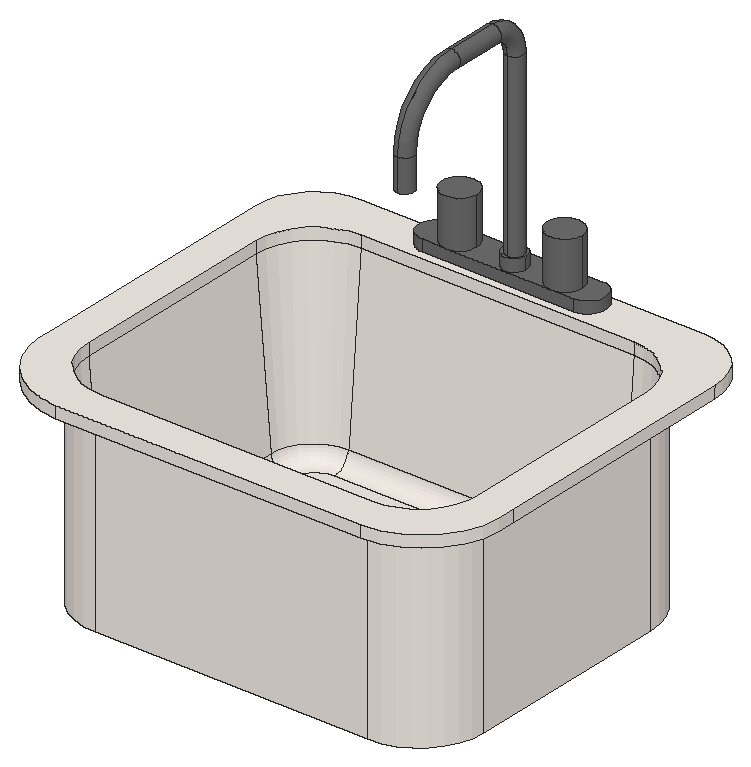
Revit family "M_Sink Vanity-Square", category 위생기구, Revit 2026
Family settings
  원형 커넥터 치수 = 지름 사용
  부품 유형 = 보통
  작업 기준면 기반 = 아니오
  뷰에서 절단 사용 = 아니오
  항상 수직 = 예
  로드될 때 보이드를 사용하여 절단 = 아니오
  주석 방향 유지 = 아니오
  공유 = 예
  룸 계산 점 = 아니오
Parameters (values of type "500 x 440mm")
  기본 높이 = 0.00 mm
  Basin Material = Porcelain - Linen
  Counter Height [instance] = 750.00 mm
  Depth = 440.00 mm
  Fixture Material = Metal - Steel, Polished
  Width = 500.00 mm
Reference planes
  plane 1 "Center (Front/Back)": y = 5.52
  plane 2: z = 0
  plane 3 "Center (Left/Right)": x = 15.689
  plane 4: y = 180.145
  plane 5: y = -259.855
  plane 6: x = -234.311
  plane 7: x = 265.689
  plane 8 "Top Of Counter": z = 750
  plane 9: z = 762.7
  plane 10: z = 534.1
  plane 11: y = 132.52
  plane 12: x = -196.211
  plane 13: y = -221.755
  plane 14: x = 227.589
  plane 15: x = -85.911
  plane 16: x = 117.289
  plane 17: y = 156.333
  plane 18: y = 156.333
  plane 19: y = 156.333
  plane 20: z = 1013.525
  plane 21: y = 7.108
  plane 22: z = 826.2
  plane 23: z = 788.1
  plane 24: y = 161.095
  plane 25: x = -47.811
  plane 26: x = 66.489
Forms (mm)
  Extrusion 1, solid, material "Porcelain - Linen" <- "Basin Material"
    sketch origin (0, 0, 0) x (1, 0, 0) y (0, 1, 0)
      loop
        arc (181.339, -259.855) -> (246.052, -227.766) -> (265.689, -158.255) r 89.057
        line (265.689, -158.255) -> (265.689, 116.645)
        arc (265.689, 116.645) -> (247.091, 161.547) -> (202.189, 180.145) r 63.5
        line (202.189, 180.145) -> (-170.811, 180.145)
        arc (-170.811, 180.145) -> (-215.712, 161.547) -> (-234.311, 116.645) r 63.5
        line (-234.311, 116.645) -> (-234.311, -158.255)
        arc (-234.311, -158.255) -> (-214.674, -227.766) -> (-149.961, -259.855) r 89.057
        line (-149.961, -259.855) -> (181.339, -259.855)
      loop
        arc (-132.711, 132.52) -> (-177.612, 113.922) -> (-196.211, 69.02) r 63.5
        line (-196.211, 69.02) -> (-196.211, -158.255)
        arc (-196.211, -158.255) -> (-177.612, -203.156) -> (-132.711, -221.755) r 63.5
        line (-132.711, -221.755) -> (164.089, -221.755)
        arc (164.089, -221.755) -> (208.991, -203.156) -> (227.589, -158.255) r 63.5
        line (227.589, -158.255) -> (227.589, 69.02)
        arc (227.589, 69.02) -> (208.991, 113.922) -> (164.089, 132.52) r 63.5
        line (164.089, 132.52) -> (-132.711, 132.52)
    from 750 to 762.7
  Sweep 2, solid, material "Porcelain - Linen" <- "Basin Material"
    path origin (0, 0, 0) x (1, 0, 0) y (0, 1, 0)
      loop
        arc (-132.711, 132.52) -> (-177.612, 113.922) -> (-196.211, 69.02) r 63.5
        line (-196.211, 69.02) -> (-196.211, -158.255)
        arc (-196.211, -158.255) -> (-177.612, -203.156) -> (-132.711, -221.755) r 63.5
        line (-132.711, -221.755) -> (164.089, -221.755)
        arc (164.089, -221.755) -> (208.991, -203.156) -> (227.589, -158.255) r 63.5
        line (227.589, -158.255) -> (227.589, 69.02)
        arc (227.589, 69.02) -> (208.991, 113.922) -> (164.089, 132.52) r 63.5
        line (164.089, 132.52) -> (-132.711, 132.52)
    profile origin (15.689, 0, 0) x (0, 1, 0) y (0, 0, 1)
      loop
        line (132.52, 750) -> (115.986, 561.015)
        arc (115.986, 561.015) -> (109.879, 548.63) -> (97.009, 543.625) r 19.05
        line (97.009, 543.625) -> (94.42, 543.625) -> (94.42, 534.1) -> (138.87, 534.1) -> (138.87, 750) -> (132.52, 750)
  Extrusion 3, solid, material "Porcelain - Linen" <- "Basin Material"
    sketch origin (0, 0, 0) x (1, 0, 0) y (0, 1, 0)
      loop
        arc (-132.711, 94.42) -> (-150.671, 86.981) -> (-158.111, 69.02) r 25.4
        line (-158.111, 69.02) -> (-158.111, -158.255)
        arc (-158.111, -158.255) -> (-150.671, -176.215) -> (-132.711, -183.655) r 25.4
        line (-132.711, -183.655) -> (164.089, -183.655)
        arc (164.089, -183.655) -> (182.05, -176.215) -> (189.489, -158.255) r 25.4
        line (189.489, -158.255) -> (189.489, 69.02)
        arc (189.489, 69.02) -> (182.05, 86.981) -> (164.089, 94.42) r 25.4
        line (164.089, 94.42) -> (-132.711, 94.42)
      loop
        circle (15.689, 3.175) r 25.4
    from 534.1 to 543.625
  Extrusion 4, solid, material "Metal - Steel, Polished" <- "Fixture Material"
    sketch origin (0, -17.559, 0) x (1, 0, 0) y (0, 1, 0)
      loop
        circle (-47.811, 178.654) r 19.05
      loop
        circle (66.489, 178.654) r 19.05
    from 762.7 to 826.2
  Sweep 5, solid, material "Metal - Steel, Polished" <- "Fixture Material"
    path origin (15.689, 0, 0) x (0, 1, 0) y (0, 0, 1)
      loop
        line (156.333, 762.7) -> (156.333, 983.363)
        arc (156.333, 983.363) -> (147.499, 1004.691) -> (126.17, 1013.525) r 30.163
        line (126.17, 1013.525) -> (70.608, 1013.525)
        arc (70.608, 1013.525) -> (25.707, 994.926) -> (7.108, 950.025) r 63.5
        line (7.108, 950.025) -> (7.108, 915.1)
    profile origin (15.689, 0, 873.031) x (0, -1, 0) y (1, 0, 0)
      loop
        circle (-156.333, 0) r 9.525
  Extrusion 6, solid, material "Metal - Steel, Polished" <- "Fixture Material"
    sketch origin (0, 0, 0) x (1, 0, 0) y (0, 1, 0)
      loop
        circle (15.689, 156.333) r 12.7
    from 762.7 to 788.1
  Extrusion 7, solid, material "Metal - Steel, Polished" <- "Fixture Material"
    sketch origin (0, 0, 0) x (1, 0, 0) y (0, 1, 0)
      loop
        arc (-73.211, 180.145) -> (-92.261, 161.095) -> (-73.211, 142.045) r 19.05
        line (-73.211, 142.045) -> (91.889, 142.045)
        arc (91.889, 142.045) -> (110.939, 161.095) -> (91.889, 180.145) r 19.05
        line (91.889, 180.145) -> (-73.211, 180.145)
    from 762.7 to 775.2
Cuts and joins
  joined: Extrusion 4, Sweep 5, Extrusion 6, Extrusion 7
  joined: Extrusion 1, Sweep 2, Extrusion 3
Lines and regions (mm)
  Masking region 1
    outline origin (0, 0, 750) x (0, -1, 0) y (1, 0, 0)
      loop
        line (-116.645, -234.311) -> (170.955, -234.311)
        arc (170.955, -234.311) -> (233.816, -208.273) -> (259.855, -145.411) r 88.9
        line (259.855, -145.411) -> (259.855, 181.339)
        arc (259.855, 181.339) -> (235.149, 240.984) -> (175.505, 265.689) r 84.35
        line (175.505, 265.689) -> (-116.645, 265.689)
        arc (-116.645, 265.689) -> (-161.547, 247.091) -> (-180.145, 202.189) r 63.5
        line (-180.145, 202.189) -> (-180.145, -170.811)
        arc (-180.145, -170.811) -> (-161.547, -215.712) -> (-116.645, -234.311) r 63.5
  symbolic lines
    curve 1: line (265.689, -175.505, 750) -> (265.689, 116.645, 750)
    curve 2: line (-145.411, -259.855, 750) -> (181.339, -259.855, 750)
    curve 3: line (-234.311, 116.645, 750) -> (-234.311, -170.955, 750)
    curve 4: arc (41.089, 3.175, 750) -> (15.689, 28.575, 750) -> (-9.711, 3.175, 750) r 25.4
    curve 5: arc (-9.711, 3.175, 750) -> (15.689, -22.225, 750) -> (41.089, 3.175, 750) r 25.4
    curve 6: line (-196.211, 69.02, 750) -> (-196.211, -158.255, 750)
    curve 7: line (-132.711, -221.755, 750) -> (164.089, -221.755, 750)
    curve 8: line (227.589, -158.255, 750) -> (227.589, 69.02, 750)
    curve 9: line (164.089, 132.52, 750) -> (28.389, 132.52, 750)
    curve 10: arc (164.089, -221.755, 750) -> (208.991, -203.156, 750) -> (227.589, -158.255, 750) r 63.5
    curve 11: arc (-196.211, -158.255, 750) -> (-177.612, -203.156, 750) -> (-132.711, -221.755, 750) r 63.5
    curve 12: arc (-132.711, 132.52, 750) -> (-177.612, 113.922, 750) -> (-196.211, 69.02, 750) r 63.5
    curve 13: arc (28.389, 160.745, 750) -> (15.689, 173.445, 750) -> (2.989, 160.745, 750) r 12.7
    curve 14: line (2.989, 160.745, 750) -> (2.989, 40.391, 750)
    curve 15: line (28.389, 160.745, 750) -> (28.389, 40.391, 750)
    curve 16: arc (28.389, 40.391, 750) -> (15.689, 27.691, 750) -> (2.989, 40.391, 750) r 12.7
    curve 17: line (2.989, 132.52, 750) -> (-132.711, 132.52, 750)
    curve 18: arc (-234.311, -170.955, 750) -> (-208.273, -233.816, 750) -> (-145.411, -259.855, 750) r 88.9
    curve 19: arc (181.339, -259.855, 750) -> (240.984, -235.149, 750) -> (265.689, -175.505, 750) r 84.35
    curve 20: arc (164.089, 132.52, 750) -> (208.991, 113.922, 750) -> (227.589, 69.02, 750) r 63.5
    curve 21: line (202.189, 180.145, 750) -> (-170.811, 180.145, 750)
    curve 22: arc (-170.811, 180.145, 750) -> (-215.712, 161.547, 750) -> (-234.311, 116.645, 750) r 63.5
    curve 23: arc (265.689, 116.645, 750) -> (247.091, 161.547, 750) -> (202.189, 180.145, 750) r 63.5
    curve 24: arc (85.539, 161.095, 750) -> (66.489, 180.145, 750) -> (47.439, 161.095, 750) r 19.05
    curve 25: arc (85.539, 161.095, 750) -> (66.489, 142.045, 750) -> (47.439, 161.095, 750) r 19.05
    curve 26: arc (-28.761, 161.095, 750) -> (-47.811, 180.145, 750) -> (-66.861, 161.095, 750) r 19.05
    curve 27: arc (-66.861, 161.095, 750) -> (-47.811, 142.045, 750) -> (-28.761, 161.095, 750) r 19.05
    curve 28: line (-73.211, 142.045, 750) -> (2.989, 142.045, 750)
    curve 29: arc (91.889, 142.045, 750) -> (110.939, 161.095, 750) -> (91.889, 180.145, 750) r 19.05
    curve 30: arc (-73.211, 180.145, 750) -> (-92.261, 161.095, 750) -> (-73.211, 142.045, 750) r 19.05
    curve 31: line (91.889, 180.145, 750) -> (-73.211, 180.145, 750)
    curve 32: line (28.389, 142.045, 750) -> (91.889, 142.045, 750)
Dimensions and locks
  equal spacing: plane 6, plane 3 "Center (Left/Right)", plane 7
  "Width": plane 6 to plane 7
  "Depth": plane 5 to plane 4
  "Counter Height": plane 8 "Top Of Counter" to plane 2
  locked: plane 9 to plane 8 "Top Of Counter" at 12.7
  locked: plane 8 "Top Of Counter" to plane 10 at 215.9
  locked: plane 6 to plane 12 at 38.1
  locked: plane 14 to plane 7 at 38.1
  locked: plane 5 to plane 13 at 38.1
  equal spacing: plane 11, plane 17, plane 4
  equal spacing: plane 11, plane 18, plane 4
  equal spacing: plane 4, plane 19, plane 11
  locked: plane 19 to plane 21 at 149.225
  locked: plane 20 to plane 9 at 250.825
  locked: plane 22 to plane 9 at 63.5
  locked: plane 23 to plane 9 at 25.4
  locked: plane 1 "Center (Front/Back)" to plane 4 at 174.625
  plane 24 to plane 4 = 19.05 mm
  locked: plane 25 to plane 3 "Center (Left/Right)" at 63.5
  locked: plane 3 "Center (Left/Right)" to plane 26 at 50.8
  locked: level to plane 2 at 0
  locked: plane 9 to cut or joined group of Extrusion 4, Sweep 5, Extrusion 6, Extrusion 7 at 12.5
  aligned and locked: Extrusion 1 sketch curve to plane 5
  aligned and locked: plane 8 "Top Of Counter" to Extrusion 1
  aligned and locked: Extrusion 1 to plane 9
  aligned and locked: plane 11 to Extrusion 1 sketch curve
  aligned and locked: plane 14 to Extrusion 1 sketch curve
  aligned and locked: Extrusion 1 sketch curve to plane 12
  aligned and locked: Extrusion 1 sketch curve to plane 13
  aligned and locked: plane 11 to Sweep 2 sketch curve
  aligned and locked: plane 14 to Sweep 2 sketch curve
  aligned and locked: Sweep 2 sketch curve to plane 12
  aligned and locked: Sweep 2 sketch curve to plane 13
  aligned and locked: Sweep 2 to Extrusion 3 sketch curve  (x4)
  aligned and locked: Sweep 2 to Extrusion 3
  aligned and locked: plane 10 to Extrusion 3
  aligned and locked: Sweep 2 sketch curve to plane 10
  aligned and locked: plane 8 "Top Of Counter" to Sweep 2 sketch curve
  aligned and locked: Extrusion 4 to Extrusion 1
  aligned and locked: Extrusion 6 to Extrusion 1
  aligned and locked: Sweep 5 sketch curve to plane 19
  aligned and locked: plane 20 to Sweep 5 sketch curve
  aligned and locked: plane 21 to Sweep 5 sketch curve
  aligned and locked: Extrusion 4 to plane 22
  aligned and locked: Extrusion 6 to plane 23
  aligned and locked: Extrusion 7 to Extrusion 1
  aligned and locked: Masking region 1 sketch curve to curve 3
  aligned and locked: Masking region 1 sketch curve to curve 2
  aligned and locked: Masking region 1 sketch curve to curve 1
  aligned and locked: Masking region 1 sketch curve to curve 21
Automatic sketch dimensions
  Sweep 2 sketch curve to plane 12 = 63.50 mm
  Sweep 2 sketch curve to Sweep 2 sketch curve = 63.50 mm
  plane 11 to Sweep 2 sketch curve = 63.50 mm
  plane 14 to Sweep 2 sketch curve = 63.50 mm
  Sweep 2 sketch curve to profile plane = 0.00 mm
  profile plane to Sweep 2 sketch curve = 16.534 mm
  Sweep 2 sketch curve to Sweep 2 sketch curve = 18.978 mm
  Sweep 2 sketch curve to Sweep 2 sketch curve = 2.588 mm
  Sweep 2 sketch curve to profile plane = 6.35 mm
  Sweep 2 sketch curve to Sweep 2 sketch curve = 9.525 mm
  Sweep 2 sketch curve to Sweep 2 sketch curve = 17.39 mm
  Sweep 5 sketch curve to plane 3 "Center (Left/Right)" = 0.00 mm
  Sweep 5 sketch curve to profile plane = 0.00 mm
  profile plane to Sweep 5 sketch curve = 9.525 mm
  Extrusion 6 sketch curve to plane 18 = 0.00 mm
  Extrusion 6 sketch curve to plane 3 "Center (Left/Right)" = 0.00 mm
  Extrusion 6 sketch curve to plane 3 "Center (Left/Right)" = 12.70 mm
  Sweep 5 sketch curve to plane 9 = 0.00 mm
  Sweep 5 sketch curve to Sweep 5 sketch curve = 63.50 mm
  plane 11 to Sweep 5 sketch curve = 6.35 mm
  Sweep 5 sketch curve to Sweep 5 sketch curve = 34.925 mm
  Extrusion 3 sketch curve to plane 3 "Center (Left/Right)" = 0.00 mm
  Extrusion 3 sketch curve to Extrusion 3 sketch curve = 25.40 mm  (x4)
  plane 1 "Center (Front/Back)" to Extrusion 3 sketch curve = 2.345 mm
  Extrusion 3 sketch curve to plane 1 "Center (Front/Back)" = 63.50 mm
  Extrusion 7 sketch curve to plane 24 = 0.00 mm
  plane 25 to Extrusion 7 sketch curve = 25.40 mm
  plane 4 to Extrusion 7 sketch curve = 0.00 mm
  plane 3 "Center (Left/Right)" to Extrusion 7 sketch curve = 76.20 mm
  Extrusion 1 sketch curve to plane 6 = 0.00 mm
  Extrusion 1 sketch curve to plane 4 = 0.00 mm
  Extrusion 1 sketch curve to plane 7 = 0.00 mm
  plane 11 to Extrusion 1 sketch curve = 15.875 mm
  Extrusion 1 sketch curve to Extrusion 1 sketch curve = 38.10 mm
  Extrusion 1 sketch curve to plane 12 = 46.25 mm
  Extrusion 1 sketch curve to Extrusion 1 sketch curve = 50.057 mm
  Extrusion 1 sketch curve to Extrusion 1 sketch curve = 17.25 mm  (x2)
  Extrusion 1 sketch curve to Extrusion 1 sketch curve = 63.50 mm  (x2)
  Extrusion 1 sketch curve to Extrusion 1 sketch curve = 13.443 mm
  plane 14 to Extrusion 1 sketch curve = 25.40 mm
  Extrusion 1 sketch curve to Extrusion 1 sketch curve = 12.625 mm  (x2)
  Extrusion 4 sketch curve to plane 24 = 0.00 mm  (x2)
  Extrusion 4 sketch curve to plane 25 = 0.00 mm
  Extrusion 4 sketch curve to plane 26 = 0.00 mm
  Extrusion 4 sketch curve to Extrusion 4 sketch curve = 19.05 mm  (x2)
  plane 11 to Masking region 1 sketch curve = 15.875 mm  (x2)
  Masking region 1 sketch curve to plane 13 = 50.80 mm
  Masking region 1 sketch curve to plane 13 = 46.25 mm
  curve 21 to plane 4 = 0.00 mm
  curve 31 to plane 4 = 0.00 mm
  curve 26 to plane 24 = 0.00 mm
  curve 25 to plane 24 = 0.00 mm
  curve 29 to plane 24 = 0.00 mm
  curve 30 to plane 24 = 0.00 mm
  curve 13 to plane 3 "Center (Left/Right)" = 0.00 mm
  curve 9 to plane 11 = 0.00 mm
  curve 17 to plane 11 = 0.00 mm
  curve 3 to plane 6 = 0.00 mm
  curve 23 to plane 7 = 0.00 mm
  curve 8 to plane 14 = 0.00 mm
  curve 6 to plane 12 = 0.00 mm
  curve 4 to plane 3 "Center (Left/Right)" = 0.00 mm
  curve 7 to plane 13 = 0.00 mm
  curve 18 to plane 5 = 0.00 mm
  curve 26 to plane 25 = 0.00 mm
  curve 25 to plane 26 = 0.00 mm
  plane 24 to curve 13 = 0.351 mm
  plane 11 to curve 23 = 15.875 mm
  plane 11 to curve 22 = 15.875 mm
  curve 22 to curve 12 = 47.625 mm
  curve 23 to curve 20 = 47.625 mm
  curve 14 to plane 3 "Center (Left/Right)" = 12.70 mm
  curve 14 to plane 1 "Center (Front/Back)" = 34.87 mm
  plane 1 "Center (Front/Back)" to curve 4 = 2.345 mm
  curve 11 to plane 13 = 63.50 mm
  curve 8 to plane 13 = 63.50 mm
  curve 11 to curve 18 = 12.70 mm
  curve 10 to curve 19 = 17.25 mm
  plane 25 to curve 31 = 25.40 mm
  plane 25 to curve 28 = 25.40 mm
  curve 30 to curve 26 = 6.35 mm
  curve 4 to plane 3 "Center (Left/Right)" = 25.40 mm
  plane 26 to curve 24 = 19.05 mm
  curve 24 to curve 29 = 6.35 mm
  curve 31 to curve 29 = 0.00 mm
